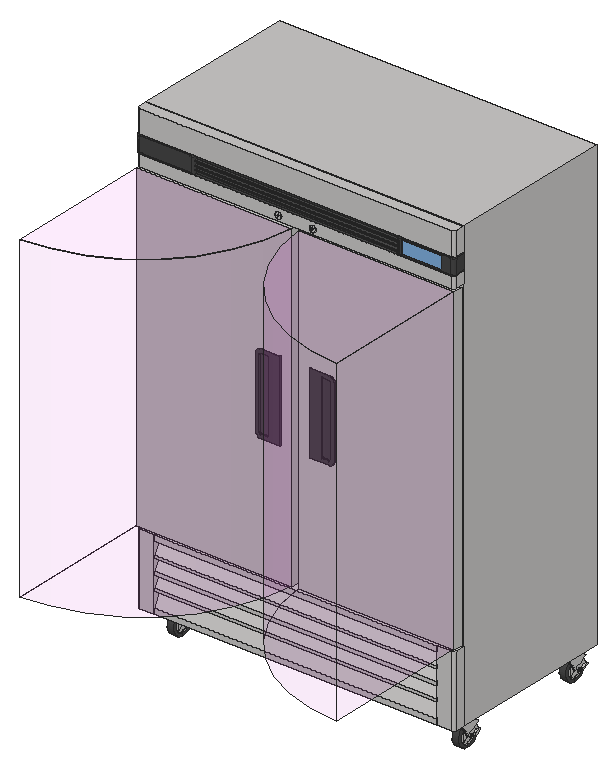
Revit family "QF_Summit_ARS49ML_Pharma_Lab_All_Refrigerator", category Specialty Equipment, Revit 2020
Family settings
  Round Connector Dimension = Use Diameter
  Part Type = Normal
  Work Plane-Based = No
  Always vertical = Yes
  Cut with Voids When Loaded = No
  Shared = No
  Room Calculation Point = No
Parameters
  Weight in Pounds = 410
  Watts = if(Phase = 3, Volts * FL Amps * 1.73, Volts * FL Amps)  # 862.5 W
  Volts = 115 V
  Ventilation Remarks = ""
  URL Cutsheet = ""
  Specification by User = ""
  Specification by Manufacturer = ""
  Show Clearance [instance] = yes
  Serial Number = ""
  Seismic Rating = ""
  SMACNA No = ""
  Revision Code = ""
  Refrigerant Volume = 0.00 kip
  Refrigerant Type = "R290"
  Phase = 1
  Number of Poles = 1
  NAFEM Spec ID Number = ""
  Model = "ARS49ML"
  Min Ckt Ampacity = 0 A
  Max Overcurrent Protection = 0 A
  Masterspec = ""
  Manufacturer = "Summit"
  Length = 55 1/4"
  Item Number = ""
  Installed By = ""
  Identify Quantity as Lot = yes
  Height = 83 3/4"
  HP = ""
  Furnished By = ""
  Foodservice Equipment Identifier = yes
  FL Amps = 7.5 A
  Electrical Remarks = ""
  Electric Connection Type = ""
  Elec Conn RI Height = 0"
  Elec Conn Connection Height = 0"
  Description = "Pharma-Lab All-Refrigerator"
  Depth = 31"
  Default Elevation = 0"
  Cycle = 60 Hz
  Conn Plug = ""
  Conn Conduit = yes
  CSI MasterFormat = ""
  Base Height [instance] = 5"
  BTUH = 0.0 Btu/h
  Apparent Power = if(Phase = 3, Volts * FL Amps * 1.73, Volts * FL Amps)  # 862.5 VA
Reference planes (in)
  plane 1 "BACK": y = 0
  plane 2: z = 0
  plane 3 "LEFT": x = 0
  plane 4 "RIGHT": x = 55.25
  plane 5 "FRONT": y = -31
  plane 6 "TOP": z = 83.75
  plane 7 "Center Y": x = 27.625
  plane 8 "Center X": y = -15.5
  plane 9 "Base Height": z = 5
  plane 10: y = -56.5
  plane 11: y = -29
  plane 12: z = 74.75
  plane 13: z = 17.125
  plane 14: z = 6.75
Forms (in)
  Extrusion 1, solid, material "QF_Metal - Stainless - Polished"
    sketch origin (0, 0, 5) x (-1, 0, 0) y (0, -1, 0)
      loop
        line (0, 0) -> (0, 29) -> (-55.25, 29) -> (-55.25, 0) -> (0, 0)
    from 0.75 to 15.75
  Extrusion 2, solid, material "QF_Metal - Stainless - Polished"
    sketch origin (0, 0, 20.75) x (-1, 0, 0) y (0, -1, 0)
      loop
        line (-2.375, 29) -> (-2.375, 2) -> (-25, 2) -> (-25, 29) -> (-30.25, 29) -> (-30.25, 2) -> (-52.875, 2) -> (-52.875, 29) -> (-55.25, 29) -> (-55.25, 0) -> (0, 0) -> (0, 29) -> (-2.375, 29)
    from 0 to 51.5
  Extrusion 3, solid, material "QF_Metal - Stainless - Polished"
    sketch origin (0, 0, 72.25) x (-1, 0, 0) y (0, -1, 0)
      loop
        line (0, 0) -> (0, 29) -> (-55.25, 29) -> (-55.25, 0) -> (0, 0)
    from 0 to 11.5
  Extrusion 4, solid, material "QF_Metal - Stainless - Polished"
    sketch origin (0, 0, 83.75) x (-1, 0, 0) y (0, -1, 0)
      loop
        line (0.00218, 30.5) -> (0.00218, 29) -> (-55.25, 29) -> (-55.25, 30.5)
        arc (-55.25, 30.5) -> (-55.10355, 30.85355) -> (-54.75, 31) r 0.5
        line (-54.75, 31) -> (-0.5, 31)
        arc (-0.5, 31) -> (-0.14645, 30.85355) -> (0, 30.5) r 0.5
    from 0 to -4
  Sweep 5, solid, material "QF_Metal_Black"
    path origin (0, 0, 79.75) x (-1, 0, 0) y (0, -1, 0)
      loop
        arc (-45.4375, 30.6875) -> (-45.51072, 30.86428) -> (-45.6875, 30.9375) r 0.25
        line (-45.6875, 30.9375) -> (-54.75, 30.9375)
        arc (-54.75, 30.9375) -> (-55.05936, 30.80936) -> (-55.1875, 30.5) r 0.4375
        line (-55.1875, 30.5) -> (-55.1875, 29)
    profile origin (50.21875, -30.9375, 79.75) x (0, 1, 0) y (0, 0, 1)
      loop
        line (0, -3) -> (0, 0)
        arc (0, 0) -> (-0.13258, -0.05492) -> (-0.1875, -0.1875) r 0.1875
        line (-0.1875, -0.1875) -> (-0.1875, -2.8125)
        arc (-0.1875, -2.8125) -> (-0.13258, -2.94508) -> (0, -3) r 0.1875
  Extrusion 6, solid, material "QF_Metal - Stainless - Polished"
    sketch origin (0, 0, 79.75) x (0, -1, 0) y (-1, 0, 0)
      loop
        arc (31.00015, -0.49946) -> (30.85355, -0.14552) -> (30.4996, 0.00109) r 0.50055
        line (30.4996, 0.00109) -> (29, 0.00109) -> (29, -55.25015) -> (30.5, -55.25015)
        arc (30.5, -55.25015) -> (30.85366, -55.10366) -> (31.00015, -54.75) r 0.50015
        line (31.00015, -54.75) -> (31.00015, -0.49946)
    from 3 to 5
  Extrusion 7, solid, material "QF_Metal_Black"
    sketch origin (9.8125, -30.6875, 79.75) x (0, 1, 0) y (0, 0, -1)
      loop
        line (-0.31265, 3) -> (0, 2.81949) -> (0, 2.14166) -> (-0.3125, 2.32208) -> (-0.3125, 2.17774) -> (0, 1.99732) -> (0, 1.39166) -> (-0.3125, 1.57208) -> (-0.3125, 1.42774) -> (0, 1.24732) -> (0, 0.64166) -> (-0.3125, 0.82208) -> (-0.3125, 0.67774) -> (0, 0.49732) -> (0, 0) -> (1.6875, 0) -> (1.6875, 3) -> (-0.31265, 3)
    from 0 to -35.64898
  Extrusion 8, void
    sketch origin (45.6875, -30.9375, 79.75) x (1, 0, 0) y (0, 0, -1)
      loop
        arc (0.75, 2.6875) -> (0.61742, 2.63258) -> (0.5625, 2.5) r 0.1875
        line (0.5625, 2.5) -> (0.5625, 0.5)
        arc (0.5625, 0.5) -> (0.61742, 0.36742) -> (0.75, 0.3125) r 0.1875
        line (0.75, 0.3125) -> (7.375, 0.3125)
        arc (7.375, 0.3125) -> (7.50758, 0.36742) -> (7.5625, 0.5) r 0.1875
        line (7.5625, 0.5) -> (7.5625, 2.5)
        arc (7.5625, 2.5) -> (7.50758, 2.63258) -> (7.375, 2.6875) r 0.1875
        line (7.375, 2.6875) -> (0.75, 2.6875)
    from -0.0625 to -0.5551
  Extrusion 9, solid, material "QF_Plastic_Light_Blue_Smooth"
    sketch origin (45.6875, -31, 79.75) x (-1, 0, 0) y (0, 0, -1)
      loop
        arc (-0.75, 0.3125) -> (-0.61742, 0.36742) -> (-0.5625, 0.5) r 0.1875
        line (-0.5625, 0.5) -> (-0.5625, 2.5)
        arc (-0.5625, 2.5) -> (-0.61742, 2.63258) -> (-0.75, 2.6875) r 0.1875
        line (-0.75, 2.6875) -> (-7.375, 2.6875)
        arc (-7.375, 2.6875) -> (-7.50758, 2.63258) -> (-7.5625, 2.5) r 0.1875
        line (-7.5625, 2.5) -> (-7.5625, 0.5)
        arc (-7.5625, 0.5) -> (-7.50758, 0.36742) -> (-7.375, 0.3125) r 0.1875
        line (-7.375, 0.3125) -> (-0.75, 0.3125)
    from 0 to 0.0625
  Extrusion 10, solid, material "QF_Rubber - Black - Smooth"
    sketch origin (2.125, -29.375, 20.625) x (1, 0, 0) y (0, 0, -1)
      loop
        line (-1.75, 1.75) -> (-1.75, -53.375) -> (24.5, -53.375) -> (24.5, 1.75) -> (-1.75, 1.75)
      loop
        line (52.75, -53.375) -> (52.75, 1.75) -> (26.5, 1.75) -> (26.5, -53.375) -> (52.75, -53.375)
      loop
        line (51.5625, 0.5625) -> (27.6875, 0.5625) -> (27.6875, -52.1875) -> (51.5625, -52.1875) -> (51.5625, 0.5625)
      loop
        line (-0.5625, 0.5625) -> (-0.5625, -52.1875) -> (23.3125, -52.1875) -> (23.3125, 0.5625) -> (-0.5625, 0.5625)
    from 0 to 0.375
  Extrusion 11, solid, material "QF_Metal - Stainless - Polished"
    sketch origin (0, 0, 5) x (-1, 0, 0) y (0, -1, 0)
      loop
        line (0.00218, 30.5) -> (0.00218, 29) -> (-3, 29) -> (-3, 31.00015) -> (-0.49946, 31.00015)
        arc (-0.49946, 31.00015) -> (-0.14645, 30.85355) -> (0, 30.5) r 0.5
      loop
        line (-52.25, 29) -> (-52.25, 31.00015) -> (-54.75, 31)
        arc (-54.75, 31) -> (-55.10355, 30.85355) -> (-55.25, 30.5) r 0.5
        line (-55.25, 30.5) -> (-55.25, 29) -> (-52.25, 29)
    from 0.75 to 13.125
  Extrusion 12, solid, material "QF_Metal - Stainless - Polished"
    sketch origin (3, -29, 5) x (0, -1, 0) y (0, 0, -1)
      loop
        line (0, -0.75) -> (0, -13.125) -> (2.00015, -13.125) -> (2.00015, -12.125) -> (0.7814, -12.125) -> (2.00015, -10.03125) -> (2.00015, -9.53125) -> (0.7814, -9.53125) -> (2.00015, -7.4375) -> (2.00015, -6.9375) -> (0.7814, -6.9375) -> (2.00015, -4.84375) -> (2.00015, -4.34375) -> (0.7814, -4.34375) -> (2, -1.75) -> (2, -0.75) -> (0, -0.75)
    from 0 to 49.25
  Extrusion 13, solid, material "QF_Metal - Stainless - Polished"
    sketch origin (0, 0, 5) x (-1, 0, 0) y (0, -1, 0)
      loop
        line (-1, 28) -> (-54.25, 28) -> (-54.25, 1) -> (-1, 1) -> (-1, 28)
    from 0 to 0.75
  Extrusion 14, solid, material "QF_Rubber - Black - Smooth"
    sketch origin (0, 0, 5) x (1, 0, 0) y (0, 0, -1)
      loop
        circle (3.56425, -2.1343) r 0.25
    from 0 to 0.0625
  Extrusion 15, solid, material "QF_Clearances_Door_Drawer", visible <- "Show Clearance"
    sketch origin (0, -29.375, 18.5) x (0, -1, 0) y (-1, 0, 0)
      loop
        line (1.625, -28.2486) -> (1.625, -55.25) -> (27.1217, -55.25)
        arc (27.1217, -55.25) -> (19.61957, -36.79544) -> (1.625, -28.2486) r 27.5
      loop
        arc (1.625, -27.0014) -> (19.61957, -18.45456) -> (27.1217, 0) r 27.5
        line (27.1217, 0) -> (1.625, 0) -> (1.625, -27.0014)
    from 0 to -55.875
  Sweep 16, solid, material "QF_Metal_Black"
    path origin (55.25, 0, 79.75) x (1, 0, 0) y (0, 1, 0)
      loop
        arc (-45.4375, -30.6875) -> (-45.51072, -30.86428) -> (-45.6875, -30.9375) r 0.25
        line (-45.6875, -30.9375) -> (-54.75, -30.9375)
        arc (-54.75, -30.9375) -> (-55.05936, -30.80936) -> (-55.1875, -30.5) r 0.4375
        line (-55.1875, -30.5) -> (-55.1875, -29)
    profile origin (5.03125, -30.9375, 79.75) x (0, -1, 0) y (0, 0, 1)
      loop
        arc (0, -3) -> (0.13258, -2.94508) -> (0.1875, -2.8125) r 0.1875
        line (0.1875, -2.8125) -> (0.1875, -0.1875)
        arc (0.1875, -0.1875) -> (0.13258, -0.05492) -> (0, 0) r 0.1875
        line (0, 0) -> (0, -3)
  Extrusion 17, void
    sketch origin (0.49946, -31.00015, 79.75) x (1, 0, 0) y (0, 0, 1)
      loop
        circle (24.12554, -4.1875) r 0.5625
      loop
        circle (30.12554, -4.1875) r 0.5625
    from -0.125 to 1
  Extrusion 18, solid, material "QF_Metal - Stainless - Polished"
    sketch origin (0.49946, -30.87515, 79.75) x (1, 0, 0) y (0, 0, 1)
      loop
        circle (30.12554, -4.1875) r 0.5
      loop
        circle (30.12554, -4.1875) r 0.1875
      loop
        circle (30.12554, -4.1875) r 0.0625
      loop
        circle (24.12554, -4.1875) r 0.5
      loop
        circle (24.12554, -4.1875) r 0.1875
      loop
        circle (24.12554, -4.1875) r 0.0625
    from 0 to 0.125
  Extrusion 19, solid, material "QF_Metal - Stainless - Polished"
    sketch origin (0, -31, 0) x (1, 0, 0) y (0, 0, 1)
      loop
        line (0, 74.375) -> (0, 18.5) -> (27.0014, 18.5) -> (27.0014, 74.375) -> (0, 74.375)
      loop
        line (55.25, 74.375) -> (28.2486, 74.375) -> (28.2486, 18.5) -> (55.25, 18.5) -> (55.25, 74.375)
    from 0 to -1.625
  Extrusion 20, void
    sketch origin (27.0014, -31, 18.5) x (0, 1, 0) y (1, 0, 0)
      loop
        arc (0.49985, 3.2486) -> (0.24812, 6.27453) -> (-0.50015, 9.21727) r 18.3125
        line (-0.50015, 9.21727) -> (-0.50015, 3.2486) -> (0.49985, 3.2486)
      loop
        line (0.49985, -2.0014) -> (-0.50015, -2.0014) -> (-0.50015, -7.97006)
        arc (-0.50015, -7.97006) -> (0.24812, -5.02732) -> (0.49985, -2.0014) r 18.3125
    from -21.875 to -34.625
  Extrusion 21, solid, material "QF_Plastic - Black - Smooth"
    sketch origin (0, -31, 0) x (1, 0, 0) y (0, 0, 1)
      loop
        arc (21.75, 53.75) -> (21.05567, 53.46966) -> (20.75064, 52.78582) r 1
        line (20.75064, 52.78582) -> (20.75064, 40.71418)
        arc (20.75064, 40.71418) -> (21.05567, 40.03034) -> (21.75, 39.75) r 1
        line (21.75, 39.75) -> (25, 39.75) -> (25, 53.75) -> (21.75, 53.75)
      loop
        line (21.375, 52.75) -> (21.375, 40.75)
        arc (21.375, 40.75) -> (21.48483, 40.48483) -> (21.75, 40.375) r 0.375
        line (21.75, 40.375) -> (23, 40.375) -> (23, 53.125) -> (21.75, 53.125)
        arc (21.75, 53.125) -> (21.48483, 53.01517) -> (21.375, 52.75) r 0.375
      loop
        line (33.5, 53.75) -> (30.25, 53.75) -> (30.25, 39.75) -> (33.5, 39.75)
        arc (33.5, 39.75) -> (34.19433, 40.03034) -> (34.49936, 40.71418) r 1
        line (34.49936, 40.71418) -> (34.49936, 52.78582)
        arc (34.49936, 52.78582) -> (34.19433, 53.46966) -> (33.5, 53.75) r 1
      loop
        arc (33.875, 52.75) -> (33.76517, 53.01517) -> (33.5, 53.125) r 0.375
        line (33.5, 53.125) -> (32.25, 53.125) -> (32.25, 40.375) -> (33.5, 40.375)
        arc (33.5, 40.375) -> (33.76517, 40.48483) -> (33.875, 40.75) r 0.375
        line (33.875, 40.75) -> (33.875, 52.75)
    from 0 to 0.125
Cuts and joins
  Extrusion 8 cuts Sweep 5
  Extrusion 17 cuts Extrusion 6
  joined: Extrusion 1, Extrusion 2, Extrusion 3
  Extrusion 20 cuts Extrusion 19
Lines and regions (in)
  Split face 1
    outline origin (45.6875, -31.0625, 79.75) x (-1, 0, 0) y (0, 0, -1)
      loop
        line (-0.83598, 0.86341) -> (-0.83598, 2.17591) -> (-3.86723, 2.17591) -> (-3.86723, 0.86341) -> (-0.83598, 0.86341)
  Split face 2
    outline origin (45.48437, -31.0625, 79.875) x (-1, 0, 0) y (0, 0, -1)
      loop
        line (-4.69454, 1.5) -> (-5.19454, 1.5) -> (-4.94454, 1.06699) -> (-4.69454, 1.5)
  Split face 3
    outline origin (45.48437, -31.0625, 79.75) x (-1, 0, 0) y (0, 0, -1)
      loop
        line (-4.94454, 2.05801) -> (-5.19454, 1.625) -> (-4.69454, 1.625) -> (-4.94454, 2.05801)
  Split face 4
    outline origin (45.48437, -31.0625, 79.75) x (-1, 0, 0) y (0, 0, -1)
      loop
        line (-5.55938, 1.70304) -> (-6.30938, 1.70304) -> (-5.93438, 1.05352) -> (-5.55938, 1.70304)
  Split face 5
    outline origin (45.48437, -31.0625, 79.75) x (-1, 0, 0) y (0, 0, -1)
      loop
        line (-7.30938, 1.70304) -> (-6.93438, 1.05352) -> (-6.55938, 1.70304) -> (-7.30938, 1.70304)
  symbolic lines
    curve 1: line (0, 0, 5) -> (55.25, 0, 5)
    curve 2: line (0, -30.5, 5) -> (0, 0, 5)
    curve 3: line (55.37718, -29, 5) -> (0, -29, 5)
    curve 4: line (55.25, 0, 5) -> (55.25, -30.5, 5)
    curve 5: line (0.5, -31, 5) -> (54.75, -31, 5)
    curve 6: arc (54.75, -31, 5) -> (55.10355, -30.85355, 5) -> (55.25, -30.5, 5) r 0.5
    curve 7: arc (0, -30.5, 5) -> (0.14645, -30.85355, 5) -> (0.5, -31, 5) r 0.5
    curve 8: line (9.55725, -31.12522, 5) -> (0.51309, -31.12522, 5)
    curve 9: arc (9.55725, -31.12522, 5) -> (9.72439, -31.09273, 5) -> (9.86719, -31, 5) r 0.44617
    curve 10: line (55.37718, -29, 5) -> (55.37718, -30.5, 5)
    curve 11: arc (55.37718, -30.5, 5) -> (55.21063, -30.92563, 5) -> (54.79946, -31.12522, 5) r 0.62718
    curve 12: line (54.79946, -31.12522, 5) -> (45.69161, -31.12522, 5)
    curve 13: arc (45.69161, -31.12522, 5) -> (45.52447, -31.09273, 5) -> (45.38167, -31, 5) r 0.44617
    curve 16: line (0, -29, 5) -> (-0.125, -29, 5)
    curve 17: line (-0.125, -29, 5) -> (-0.125, -30.48714, 5)
    curve 18: arc (0.51309, -31.12522, 5) -> (0.06189, -30.93833, 5) -> (-0.125, -30.48714, 5) r 0.63809
    curve 21: line (34.49936, -31, 5) -> (34.49936, -31.125, 5)
    curve 22: line (34.49936, -31.125, 5) -> (30.25, -31.125, 5)
    curve 23: line (30.25, -31.125, 5) -> (30.25, -31, 5)
    curve 24: line (25, -31, 5) -> (25, -31.125, 5)
    curve 25: line (25, -31.125, 5) -> (20.75064, -31.125, 5)
    curve 26: line (20.75064, -31.125, 5) -> (20.75064, -31, 5)
  symbolic lines, style "QF_Clearances_Door_Drawer"
    curve 14: line (55.25, -31, 5) -> (32.65603, -44.04463, 5)
    curve 15: arc (32.65603, -44.04463, 5) -> (29.62269, -37.80263, 5) -> (28.2486, -31, 5) r 27.5
    curve 19: line (0, -31, 5) -> (22.59397, -44.04463, 5)
    curve 20: arc (22.59397, -44.04463, 5) -> (25.62731, -37.80263, 5) -> (27.0014, -31, 5) r 27.5
Dimensions and locks (in)
  equal spacing: plane 3 "LEFT", plane 7 "Center Y", plane 4 "RIGHT"
  "Length": plane 3 "LEFT" to plane 4 "RIGHT"
  equal spacing: plane 5 "FRONT", plane 8 "Center X", plane 1 "BACK"
  "Depth": plane 5 "FRONT" to plane 1 "BACK"
  "Height": plane 6 "TOP" to level
  "Base Height": plane 9 "Base Height" to level
  plane 10 to plane 1 "BACK" = 56 1/2"
  plane 6 "TOP" to plane 9 "Base Height" = 78 3/4"
  plane 11 to plane 1 "BACK" = 29"
  aligned and locked: level to plane 2
Automatic sketch dimensions
  plane 1 "BACK" to Extrusion 1 sketch curve = 0"
  Extrusion 1 sketch curve to plane 4 "RIGHT" = 0"
  Extrusion 1 sketch curve to plane 3 "LEFT" = 0"
  Extrusion 1 sketch curve to plane 11 = 0"
  Extrusion 2 sketch curve to Extrusion 1 = 0"  (x3)
  Extrusion 1 to Extrusion 2 sketch curve = 0"  (x3)
  Extrusion 2 sketch curve to Extrusion 2 sketch curve = 2 3/8"
  Extrusion 2 sketch curve to Extrusion 2 sketch curve = 22 5/8"
  Extrusion 2 sketch curve to Extrusion 2 sketch curve = 5 1/4"
  Extrusion 2 sketch curve to Extrusion 1 = 2 3/8"
  Extrusion 2 sketch curve to Extrusion 1 = 2"  (x2)
  Extrusion 3 sketch curve to Extrusion 2 = 0"  (x4)
  Extrusion 4 sketch curve to plane 4 "RIGHT" = 0"
  plane 5 "FRONT" to Extrusion 4 sketch curve = 0"
  Extrusion 4 sketch curve to plane 3 "LEFT" = 0"
  Extrusion 4 sketch curve to plane 11 = 0"
  plane 4 "RIGHT" to Extrusion 4 sketch curve = 1/2"
  Extrusion 4 sketch curve to Extrusion 4 sketch curve = 1/2"
  Extrusion 4 sketch curve to plane 3 "LEFT" = 0.00218"
  Extrusion 4 sketch curve to Extrusion 4 sketch curve = 0"
  Extrusion 4 to Sweep 5 sketch curve = 0"
  Extrusion 4 to Sweep 5 sketch curve = 5/16"
  Sweep 5 sketch curve to Sweep 5 sketch curve = 9 1/16"
  Sweep 5 sketch curve to profile plane = 0"  (x2)
  Sweep 5 sketch curve to Sweep 5 sketch curve = 3/16"
  Sweep 5 sketch curve to Sweep 5 sketch curve = 2 5/8"
  Extrusion 4 to Extrusion 6 sketch curve = 0"
  Extrusion 4 to Extrusion 6 sketch curve = 0.00108"
  Extrusion 4 to Extrusion 6 sketch curve = 0.5004"
  Extrusion 7 sketch curve to plane 5 "FRONT" = 0"  (x3)
  Extrusion 7 sketch curve to plane 11 = 0"
  plane 5 "FRONT" to Extrusion 7 sketch curve = 0.00015"
  Extrusion 7 sketch curve to plane 5 "FRONT" = 5/16"  (x2)
  Extrusion 7 sketch curve to Extrusion 7 sketch curve = 0"  (x2)
  Extrusion 7 sketch curve to plane 6 "TOP" = 4"
  Extrusion 7 sketch curve to Extrusion 7 sketch curve = 0.49732"
  Extrusion 7 sketch curve to Extrusion 7 sketch curve = 0.14434"  (x6)
  Extrusion 7 sketch curve to Extrusion 7 sketch curve = 0.03608"  (x3)
  Extrusion 7 sketch curve to Extrusion 7 sketch curve = 0.42524"  (x2)
  Extrusion 7 sketch curve to Extrusion 7 sketch curve = 0.49741"
  Extrusion 7 sketch curve to Extrusion 7 sketch curve = 0.18051"
  Sweep 5 to Extrusion 8 sketch curve = 9/16"
  Extrusion 8 sketch curve to Extrusion 8 sketch curve = 3/16"  (x3)
  Extrusion 8 sketch curve to Sweep 5 = 5/16"  (x2)
  Extrusion 8 sketch curve to Sweep 5 = 1 11/16"  (x2)
  Extrusion 9 sketch curve to Extrusion 8 = 3/16"  (x2)
  plane 3 "LEFT" to Extrusion 10 sketch curve = 3/8"
  plane 3 "LEFT" to Extrusion 10 sketch curve = 1 9/16"
  Extrusion 10 sketch curve to plane 7 "Center Y" = 2 3/16"
  Extrusion 10 sketch curve to plane 7 "Center Y" = 1"
  plane 7 "Center Y" to Extrusion 10 sketch curve = 1"
  Extrusion 10 sketch curve to Extrusion 10 sketch curve = 1 3/16"  (x5)
  plane 4 "RIGHT" to Extrusion 10 sketch curve = 1 9/16"
  plane 4 "RIGHT" to Extrusion 10 sketch curve = 3/8"
  Extrusion 10 sketch curve to plane 12 = 3/4"  (x2)
  plane 9 "Base Height" to Extrusion 10 sketch curve = 15 1/16"
  Extrusion 10 sketch curve to Extrusion 10 sketch curve = 0"
  Extrusion 11 sketch curve to plane 4 "RIGHT" = 0"
  plane 5 "FRONT" to Extrusion 11 sketch curve = 0"  (x2)
  Extrusion 11 sketch curve to plane 11 = 0"  (x2)
  Extrusion 11 sketch curve to plane 3 "LEFT" = 0"
  plane 4 "RIGHT" to Extrusion 11 sketch curve = 1/2"
  Extrusion 11 sketch curve to Extrusion 11 sketch curve = 2 1/2"
  plane 3 "LEFT" to Extrusion 11 sketch curve = 3"
  plane 3 "LEFT" to Extrusion 11 sketch curve = 1/2"
  Extrusion 11 sketch curve to plane 3 "LEFT" = 0.00218"
  plane 5 "FRONT" to Extrusion 11 sketch curve = 0.00015"  (x2)
  Extrusion 11 sketch curve to Extrusion 11 sketch curve = 0"  (x2)
  Extrusion 11 sketch curve to Extrusion 11 sketch curve = 0.00054"
  Extrusion 12 sketch curve to Extrusion 11 = 0"  (x7)
  Extrusion 11 to Extrusion 12 sketch curve = 0.7814"  (x4)
  Extrusion 11 to Extrusion 12 sketch curve = 0.00015"
  Extrusion 12 sketch curve to Extrusion 12 sketch curve = 1"
  Extrusion 12 sketch curve to Extrusion 12 sketch curve = 2 3/32"  (x3)
  Extrusion 12 sketch curve to Extrusion 12 sketch curve = 1/2"  (x3)
  Extrusion 11 to Extrusion 12 sketch curve = 1"
  plane 4 "RIGHT" to Extrusion 13 sketch curve = 1"
  plane 3 "LEFT" to Extrusion 13 sketch curve = 1"
  plane 1 "BACK" to Extrusion 13 sketch curve = 1"
  plane 11 to Extrusion 13 sketch curve = 1"
  Extrusion 1 to Extrusion 14 sketch curve = 1.3843"
  Extrusion 14 sketch curve to Extrusion 1 = 3.56425"
  Split face 1 sketch curve to Extrusion 9 = 0.55091"
  Split face 1 sketch curve to Extrusion 9 = 3.30473"
  Split face 1 sketch curve to Extrusion 9 = 0.27348"
  Split face 1 sketch curve to Extrusion 9 = 0.51159"
  Split face 2 sketch curve to Extrusion 9 = 1 1/16"
  Split face 2 sketch curve to Extrusion 9 = 2.57108"
  Split face 2 sketch curve to Extrusion 9 = 0.62949"
  Split face 2 sketch curve to Split face 2 sketch curve = 1/4"
  Split face 2 sketch curve to Split face 2 sketch curve = 1/2"
  Split face 3 sketch curve to Extrusion 9 = 1 1/16"
  Split face 3 sketch curve to Extrusion 9 = 2.57108"
  Split face 3 sketch curve to Extrusion 9 = 0.62949"
  Split face 3 sketch curve to Split face 3 sketch curve = 1/4"  (x2)
  Split face 4 sketch curve to Extrusion 9 = 1.45624"
  Split face 4 sketch curve to Extrusion 9 = 0.74102"
  Split face 4 sketch curve to Split face 4 sketch curve = 3/8"  (x2)
  Split face 4 sketch curve to Extrusion 9 = 0.98446"
  Split face 5 sketch curve to Extrusion 9 = 0.45624"
  Split face 5 sketch curve to Split face 5 sketch curve = 3/8"  (x2)
  Split face 5 sketch curve to Extrusion 9 = 0.74102"
  Split face 5 sketch curve to Split face 5 sketch curve = 0.64952"
  Extrusion 4 to Sweep 16 sketch curve = 0"
  Extrusion 4 to Sweep 16 sketch curve = 5/16"
  Sweep 16 sketch curve to Sweep 16 sketch curve = 9 1/16"
  Sweep 16 sketch curve to profile plane = 0"  (x2)
  Sweep 16 sketch curve to profile plane = 3/16"
  Sweep 16 sketch curve to Sweep 16 sketch curve = 2 5/8"
  Extrusion 6 to Extrusion 17 sketch curve = 13/16"  (x2)
  Extrusion 17 sketch curve to Extrusion 6 = 24.12554"
  Extrusion 17 sketch curve to Extrusion 17 sketch curve = 6"
  Extrusion 15 sketch curve to Extrusion 15 sketch curve = 25.4967"  (x2)
  Extrusion 15 sketch curve to Extrusion 15 sketch curve = 1.24721"
  Extrusion 19 sketch curve to plane 3 "LEFT" = 0"
  plane 4 "RIGHT" to Extrusion 19 sketch curve = 0"
  Extrusion 19 sketch curve to plane 7 "Center Y" = 0.6236"
  plane 7 "Center Y" to Extrusion 19 sketch curve = 0.6236"
  plane 9 "Base Height" to Extrusion 19 sketch curve = 13 1/2"  (x2)
  Extrusion 19 sketch curve to plane 12 = 3/8"  (x2)
  Extrusion 15 sketch curve to plane 11 = 0"  (x2)
  plane 5 "FRONT" to Extrusion 15 sketch curve = 0"  (x2)
  Extrusion 15 sketch curve to plane 4 "RIGHT" = 0"
  Extrusion 15 sketch curve to plane 3 "LEFT" = 0"
  Extrusion 15 sketch curve to plane 3 "LEFT" = 109/256"
  Extrusion 20 sketch curve to Extrusion 19 = 3.2486"
  Extrusion 19 to Extrusion 20 sketch curve = 17.81265"
  Extrusion 19 to Extrusion 20 sketch curve = 2.0014"
  Extrusion 20 sketch curve to Extrusion 20 sketch curve = 0"
  Extrusion 19 to Extrusion 20 sketch curve = 0.50015"  (x2)
  Extrusion 20 sketch curve to Extrusion 19 = 0.49985"  (x2)
  Extrusion 21 sketch curve to Extrusion 21 sketch curve = 0"  (x9)
  Extrusion 21 sketch curve to Extrusion 19 = 6.25075"
  Extrusion 21 sketch curve to Extrusion 21 sketch curve = 0.62436"  (x2)
  Extrusion 21 sketch curve to Extrusion 21 sketch curve = 3/8"  (x4)
  Extrusion 21 sketch curve to Extrusion 21 sketch curve = 1 1/4"  (x3)
  Extrusion 21 sketch curve to Extrusion 19 = 2.0014"  (x2)
  Extrusion 21 sketch curve to Extrusion 21 sketch curve = 2"
  Extrusion 21 sketch curve to Extrusion 19 = 21 1/4"
  Extrusion 21 sketch curve to Extrusion 21 sketch curve = 5/8"  (x2)
  Extrusion 21 sketch curve to Extrusion 21 sketch curve = 12"
  Extrusion 21 sketch curve to Extrusion 21 sketch curve = 0.03582"  (x2)
  curve 6 to curve 11 = 0"  (x2)
  curve 15 to plane 11 = 0"
  curve 10 to plane 11 = 0"
  plane 1 "BACK" to curve 4 = 0"
  curve 4 to plane 4 "RIGHT" = 0"
  curve 14 to plane 4 "RIGHT" = 0"
  plane 5 "FRONT" to curve 26 = 0"
  curve 1 to plane 3 "LEFT" = 0"
  curve 19 to plane 3 "LEFT" = 0"
  curve 16 to plane 11 = 0"
  curve 20 to plane 11 = 0"
  plane 5 "FRONT" to curve 19 = 0"
  plane 5 "FRONT" to curve 14 = 0"
  curve 3 to plane 4 "RIGHT" = 0.12718"
  curve 15 to curve 3 = 0.29861"
  plane 5 "FRONT" to curve 12 = 0.12522"
  plane 4 "RIGHT" to curve 12 = 0.45054"
  curve 13 to plane 5 "FRONT" = 0.32095"
  curve 6 to curve 13 = 9.05839"
  plane 5 "FRONT" to curve 21 = 1/8"
  plane 7 "Center Y" to curve 21 = 6.87436"
  plane 7 "Center Y" to curve 14 = 5.03103"
  plane 7 "Center Y" to curve 23 = 2 5/8"
  plane 5 "FRONT" to curve 24 = 1/8"
  curve 24 to plane 7 "Center Y" = 2 5/8"
  curve 19 to plane 7 "Center Y" = 5.03103"
  curve 9 to plane 5 "FRONT" = 0.32095"
  plane 3 "LEFT" to curve 9 = 9.55725"
  plane 3 "LEFT" to curve 18 = 0.51309"
  curve 18 to curve 7 = 0.01309"
  curve 3 to curve 16 = 1/8"
  curve 16 to curve 20 = 77/256"
  curve 18 to curve 7 = 0.01286"
  plane 10 to curve 14 = 12.45537"
  curve 19 to curve 15 = 0"
  curve 24 to curve 25 = 4.24936"
  radius of Sweep 5 sketch curve to Extrusion 4 = 1/16"
  radius of Extrusion 4 to Extrusion 6 sketch curve = 0.00015"
  radius of Extrusion 9 sketch curve to Extrusion 8 = 0"  (x2)
  radius of Extrusion 14 sketch curve = 1/4"
  radius of Sweep 16 sketch curve to Extrusion 4 = 1/16"
  radius of Extrusion 17 sketch curve = 9/16"  (x2)
  radius of Extrusion 18 sketch curve to Extrusion 17 = 1/16"  (x2)
  radius of Extrusion 18 sketch curve to Extrusion 17 = 3/8"  (x2)
  radius of Extrusion 18 sketch curve to Extrusion 17 = 1/2"  (x2)
Nested families (in)
  nested 1: "5 INCHES 01_CASTER 2" at (2.8125, -26.1875, 0), type "5 INCHES 01_CASTER 2"
    with Type Mark "", Specification by User "", Show 5" Casters yes, Revision Code "", Key Locks yes, Item Number "", Installed By "", Identify Quantity as Lot yes, Furnished By "", Foodservice Equipment Identifier yes
  nested 2: "5 INCHES 01_CASTER 2" at (52.4375, -26.1875, 0), type "5 INCHES 01_CASTER 2"
    with Type Mark "", Specification by User "", Show 5" Casters yes, Revision Code "", Key Locks yes, Item Number "", Installed By "", Identify Quantity as Lot yes, Furnished By "", Foodservice Equipment Identifier yes
  nested 3: "5 INCHES 01_CASTER 2" at (2.8125, -2.8125, 0), type "5 INCHES 01_CASTER 2"
    with Type Mark "", Specification by User "", Show 5" Casters yes, Revision Code "", Key Locks yes, Item Number "", Installed By "", Identify Quantity as Lot yes, Furnished By "", Foodservice Equipment Identifier yes
  nested 4: "5 INCHES 01_CASTER 2" at (52.4375, -2.8125, 0), type "5 INCHES 01_CASTER 2"
    with Type Mark "", Specification by User "", Show 5" Casters yes, Revision Code "", Key Locks yes, Item Number "", Installed By "", Identify Quantity as Lot yes, Furnished By "", Foodservice Equipment Identifier yes
Connectors (in)
  electrical at (3.56425, 0.0625, 7.1343), driven by "Volts"
    settings: on Extrusion 14, index 1, voltage 115 V, apparent load 0 VA, apparent load phase1 0 VA, apparent load phase2 0 VA, apparent load phase3 0 VA, power factor 1, load classification "Other", number of poles 1, system type 30, power factor state 1, is connector primary yes, connector utility no, sub classification motor no, connector description "Electrical Connection"
Definition of nested family "5 INCHES 01_CASTER 2"
  Parameters (values of type "5 INCHES 01_CASTER 2")
    Weight = ""
    URL Manufacturer = ""
    URL Cutsheet = ""
    URL = ""
    Type Mark [instance] = ""
    Specification by User [instance] = ""
    Specification by Manufacturer = ""
    Show 5" Casters [instance] = yes
    Serial Number = ""
    Seismic Rating = ""
    SMACNA No = ""
    Revision Code [instance] = ""
    Omniclass Number and Title = ""
    NAFEM Spec ID Number = ""
    Model = ""
    MasterSpec. = ""
    Manufacturer = ""
    Key Locks [instance] = yes
    Item Number [instance] = ""
    Installed By [instance] = ""
    Identify Quantity as Lot [instance] = yes
    Furnished By [instance] = ""
    Foodservice Equipment Identifier [instance] = yes
    Description = ""
    Default Elevation = 0"
    CSI MasterFormat = ""
    CSI Master Format = ""
    Assembly Code = ""
  Reference planes (in)
    plane 1: z = 0
    plane 2 "RIGHT": x = 0
    plane 3 "FRONT": y = 0
    plane 4 "TOP": z = 5
  Forms (in)
    Revolve 1, solid, visible <- "Show 5" Casters"
      sketch origin (-1.93794, 0.99859, -1.0041) x (1, 0, 0) y (0, 0, 1)
        loop
          line (0.74055, 3.0041) -> (0.74055, 2.9286) -> (0.79055, 2.8786) -> (0.85055, 2.8786) -> (0.85055, 2.75852) -> (1.235, 2.75852) -> (1.235, 2.56618) -> (1.37557, 2.48502) -> (1.49133, 1.76972) -> (1.34375, 1.76972) -> (1.34375, 1.53535) -> (1.375, 1.53535) -> (1.375, 1.0041) -> (2.48438, 1.0041) -> (2.48438, 1.53535) -> (2.51563, 1.53535) -> (2.51563, 1.76972) -> (2.36805, 1.76972) -> (2.48438, 2.48853) -> (2.62438, 2.56936) -> (2.62438, 2.75852) -> (3.04007, 2.75852) -> (3.04007, 2.8786) -> (3.10007, 2.8786) -> (3.15007, 2.9286) -> (3.15007, 3.0041) -> (0.74055, 3.0041)
        axis (0.74055, 3.0041) -> (3.15007, 3.0041)
      angle from 0 to 360
    Extrusion 2, solid, visible <- "Show 5" Casters"
      sketch origin (-1.93794, 1.96337, -0.7541) x (0, 1, 0) y (0, 0, 1)
        loop
          line (-3.37739, 5.33423) -> (-3.37739, 4.92712) -> (-2.49294, 4.92712)
          arc (-2.49294, 4.92712) -> (-1.47209, 4.91752) -> (-0.46376, 4.75787) r 6.92153
          arc (-0.46376, 4.75787) -> (0.14199, 4.53396) -> (0.67481, 4.16904) r 2.62713
          line (0.67481, 4.16904) -> (0.7876, 4.33012)
          arc (0.7876, 4.33012) -> (0.48098, 4.5674) -> (0.13288, 4.73811) r 1.91675
          line (0.13288, 4.73811) -> (0.21197, 4.87494)
          arc (0.21197, 4.87494) -> (-0.1576, 5.02102) -> (-0.54934, 5.08775) r 1.91675
          line (-0.54934, 5.08775) -> (-0.54934, 5.33423) -> (-3.37739, 5.33423)
      from 1.17357 to 2.70231
    Revolve 3, solid, visible <- "Show 5" Casters"
      sketch origin (0, 2.15543, -1.25) x (0, 1, 0) y (0, 0, 1)
        loop
          line (-2.21793, 6.25) -> (-2.21793, 5.83014) -> (-1.05793, 5.83014) -> (-1.05793, 6.25) -> (-2.21793, 6.25)
        axis (-2.21793, 5.83014) -> (-2.21793, 6.25)
      angle from 0 to 360
    Extrusion 4, solid, visible <- "Show 5" Casters"
      sketch origin (-1.98481, 1.96337, -0.7541) x (0, 1, 0) y (0, 0, 1)
        loop
          line (-3.37739, 5.33423) -> (-3.37739, 4.92712) -> (-3.13361, 4.92712)
          arc (-3.13361, 4.92712) -> (-2.12623, 3.92533) -> (-1.55834, 2.62307) r 3.79122
          arc (-1.55834, 2.62307) -> (-0.81477, 2.14247) -> (-0.31772, 2.87515) r 0.63314
          arc (-0.31772, 2.87515) -> (-0.02244, 3.67728) -> (0.68637, 4.15498) r 1.39003
          line (0.68637, 4.15498) -> (0.7876, 4.33012)
          arc (0.7876, 4.33012) -> (0.48098, 4.5674) -> (0.13288, 4.73811) r 1.91675
          line (0.13288, 4.73811) -> (0.21197, 4.87494)
          arc (0.21197, 4.87494) -> (-0.1576, 5.02102) -> (-0.54934, 5.08775) r 1.91675
          line (-0.54934, 5.08775) -> (-0.54934, 5.33423) -> (-3.37739, 5.33423)
      from 2.74918 to 2.90825
    Extrusion 5, solid, visible <- "Show 5" Casters"
      sketch origin (1.98481, 1.96337, -0.7541) x (0, 1, 0) y (0, 0, -1)
        loop
          line (-3.37739, -5.33423) -> (-0.54934, -5.33423) -> (-0.54934, -5.08775)
          arc (-0.54934, -5.08775) -> (-0.1576, -5.02102) -> (0.21197, -4.87494) r 1.91675
          line (0.21197, -4.87494) -> (0.13288, -4.73811)
          arc (0.13288, -4.73811) -> (0.48098, -4.5674) -> (0.7876, -4.33012) r 1.91675
          line (0.7876, -4.33012) -> (0.68637, -4.15498)
          arc (0.68637, -4.15498) -> (-0.02244, -3.67728) -> (-0.31772, -2.87515) r 1.39003
          arc (-0.31772, -2.87515) -> (-0.81477, -2.14247) -> (-1.55834, -2.62307) r 0.63314
          arc (-1.55834, -2.62307) -> (-2.12623, -3.92533) -> (-3.13361, -4.92712) r 3.79122
          line (-3.13361, -4.92712) -> (-3.37739, -4.92712) -> (-3.37739, -5.33423)
      from 2.74918 to 2.90825
    Extrusion 6, solid, visible <- "Key Locks"
      sketch origin (-0.96875, 2.04726, -0.57589) x (0, 1, 0) y (0, 0, -1)
        loop
          line (-2.58496, -2.03961) -> (-1.89213, -2.43961) -> (-1.53273, -2.64711)
          arc (-1.53273, -2.64711) -> (-1.45411, -2.76529) -> (-1.38688, -2.89031) r 1.51617
          arc (-1.38688, -2.89031) -> (-1.13602, -3.13035) -> (-0.79652, -3.20306) r 0.63657
          arc (-0.79652, -3.20306) -> (-0.67098, -3.20163) -> (-0.54633, -3.21661) r 0.9589
          line (-0.54633, -3.21661) -> (0.23309, -3.66661) -> (0.42979, -3.32592)
          arc (0.42979, -3.32592) -> (0.46473, -3.10362) -> (0.3415, -2.91533) r 0.313
          line (0.3415, -2.91533) -> (0.21087, -3.04595)
          arc (0.21087, -3.04595) -> (0.24081, -3.14321) -> (0.14284, -3.17074) r 0.07109
          line (0.14284, -3.17074) -> (-0.52795, -2.78336)
          arc (-0.52795, -2.78336) -> (-0.62217, -2.51108) -> (-0.36609, -2.37904) r 0.22
          arc (-0.36609, -2.37904) -> (-0.3435, -2.357) -> (-0.33862, -2.32583) r 0.05
          arc (-0.33862, -2.32583) -> (-0.50047, -2.10967) -> (-0.75504, -2.01961) r 0.46592
          line (-0.75504, -2.01961) -> (-1.49574, -2.01961)
          arc (-1.49574, -2.01961) -> (-1.57675, -2.00894) -> (-1.65224, -1.97767) r 0.313
          line (-1.65224, -1.97767) -> (-2.05389, -1.74578)
          arc (-2.05389, -1.74578) -> (-2.2914, -1.71451) -> (-2.48146, -1.86034) r 0.313
          line (-2.48146, -1.86034) -> (-2.58496, -2.03961)
      from 0 to 0.0625
    Extrusion 7, solid, visible <- "Key Locks"
      sketch origin (-0.96875, 2.04726, -0.57589) x (0, 1, 0) y (0, 0, -1)
        loop
          line (-0.45692, -2.6604) -> (0.47061, -3.19578)
          arc (0.47061, -3.19578) -> (0.44304, -3.03852) -> (0.3415, -2.91533) r 0.313
          line (0.3415, -2.91533) -> (-0.36656, -2.53415)
          arc (-0.36656, -2.53415) -> (-0.48136, -2.54745) -> (-0.45692, -2.6604) r 0.078
      from 0 to 0.5
    Extrusion 8, solid, visible <- "Key Locks"
      sketch origin (0.96875, 2.04726, -0.57589) x (0, 1, 0) y (0, 0, 1)
        loop
          line (-2.58496, 2.03961) -> (-2.48146, 1.86034)
          arc (-2.48146, 1.86034) -> (-2.2914, 1.71451) -> (-2.05389, 1.74578) r 0.313
          line (-2.05389, 1.74578) -> (-1.65224, 1.97767)
          arc (-1.65224, 1.97767) -> (-1.57675, 2.00894) -> (-1.49574, 2.01961) r 0.313
          line (-1.49574, 2.01961) -> (-0.75504, 2.01961)
          arc (-0.75504, 2.01961) -> (-0.50047, 2.10967) -> (-0.33862, 2.32583) r 0.46592
          arc (-0.33862, 2.32583) -> (-0.3435, 2.357) -> (-0.36609, 2.37904) r 0.05
          arc (-0.36609, 2.37904) -> (-0.62217, 2.51108) -> (-0.52795, 2.78336) r 0.22
          line (-0.52795, 2.78336) -> (0.14284, 3.17074)
          arc (0.14284, 3.17074) -> (0.24081, 3.14321) -> (0.21087, 3.04595) r 0.07109
          line (0.21087, 3.04595) -> (0.3415, 2.91533)
          arc (0.3415, 2.91533) -> (0.46473, 3.10362) -> (0.42979, 3.32592) r 0.313
          line (0.42979, 3.32592) -> (0.23309, 3.66661) -> (-0.54633, 3.21661)
          arc (-0.54633, 3.21661) -> (-0.67098, 3.20163) -> (-0.79652, 3.20306) r 0.9589
          arc (-0.79652, 3.20306) -> (-1.13602, 3.13035) -> (-1.38688, 2.89031) r 0.63657
          arc (-1.38688, 2.89031) -> (-1.45411, 2.76529) -> (-1.53273, 2.64711) r 1.51617
          line (-1.53273, 2.64711) -> (-1.89213, 2.43961) -> (-2.58496, 2.03961)
      from 0 to 0.0625
    Extrusion 9, solid, visible <- "Key Locks"
      sketch origin (0.96875, 2.04726, -0.57589) x (0, 1, 0) y (0, 0, 1)
        loop
          arc (-0.45692, 2.6604) -> (-0.48136, 2.54745) -> (-0.36656, 2.53415) r 0.078
          line (-0.36656, 2.53415) -> (0.3415, 2.91533)
          arc (0.3415, 2.91533) -> (0.44304, 3.03852) -> (0.47061, 3.19578) r 0.313
          line (0.47061, 3.19578) -> (-0.45692, 2.6604)
      from 0 to 0.5
  Cuts and joins
    joined: Extrusion 2, Extrusion 4, Extrusion 5
  Lines and regions (in)
    symbolic lines, visible <- "Show 5" Casters"
      curve 1: line (0.54262, 2.21348, 0) -> (1.50337, 1.65879, 0)
      curve 2: line (-1.45738, -1.25062, 0) -> (-0.70738, 0.04842, 0)
      curve 3: line (-0.49663, -1.80531, 0) -> (-1.45738, -1.25062, 0)
      curve 4: line (1.50337, 1.65879, 0) -> (0.75337, 0.35975, 0)
      curve 5: line (-0.20738, 0.91444, 0) -> (0.54262, 2.21348, 0)
      curve 6: line (0.25337, -0.50627, 0) -> (-0.49663, -1.80531, 0)
  Dimensions and locks (in)
    plane 4 "TOP" to level = 5"  (x2)
    aligned and locked: level to plane 1
